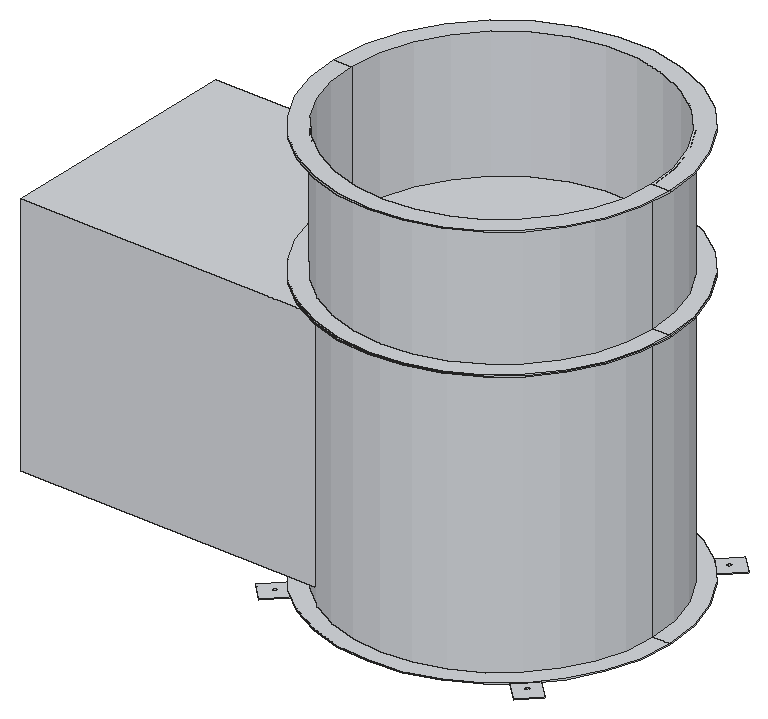
Revit family "AFBV-S_Upblast_Floor_Mount", category Mechanical Equipment, Revit 2019
Family settings
  Round Connector Dimension = Use Radius
  Part Type = Normal
  Work Plane-Based = No
  Always vertical = Yes
  Cut with Voids When Loaded = No
  Shared = No
  Room Calculation Point = No
Parameters (values of type "36_AFBV-S_UPBLAST_FLOOR")
  VANE = 1' - 4"
  Unit Weight [instance] = ""
  ModelID [instance] = ""
  L/2 = L / 2  # 1' - 3 17/32"
  L = 2' - 7 1/16"
  K/2 = K / 2  # 0' - 0 7/32"
  K = 0' - 0 7/16"
  J/2 = J / 2  # 1' - 9 31/32"
  Accessories [instance] = ""
  45 = 45.00°  # constant formula
  (L-1")/2 = (L - 0' 1") / 2  # 1' - 3 1/32"
  (J+(J-A))/2 = (J + ((J - A) / 2)) / 2  # 1' - 11 45/64"
  J = 3' - 7 15/16"
  CENTER = 0' - 0"  # constant formula
  H-(A/2) = H - (A / 2)  # 2' - 4 3/4"
  H+J = H + CENTER  # 3' - 11 1/4"
  H = 3' - 11 1/4"
  Sones [instance] = ""
  Motor RPM [instance] = ""
  Motor Enclosure [instance] = ""
  LwA [instance] = ""
  G = 6' - 0"
  Fan RPM [instance] = ""
  F/2 = F / 2  # 0' - 0 7/32"
  F = 0' - 0 7/16"
  E/2 = E / 2  # 1' - 5"
  E-2" = E - 0' 2"  # 2' - 8"
  E = 2' - 10"
  C/2+J = C / 2 + CENTER  # 1' - 7 1/2"
  C/2 = C / 2  # 1' - 7 1/2"
  C = 3' - 3"
  B/2 = B / 2  # 1' - 8 11/16"
  B = 3' - 5 3/8"
  A/3 = A / 2.5  # 1' - 2.8"
  A/2 = A / 2  # 1' - 6 1/2"
  A = 3' - 1"
  60 = 60.00°  # constant formula
  30 = 30.00°  # constant formula
  3" = 0' - 3"  # constant formula
  Brake Hp [instance] = ""
  4" = 0' - 4"  # constant formula
  2' = 2' - 0"
  2" = 0' - 2"  # constant formula
  1" = 0' - 1"  # constant formula
  0 = 0' - 0"  # constant formula
  Voltage [instance] = 0 V
  URL = "www.lorencook.com"
  Type Comments = "Tube Axial Fan Upblast Floor Mount Stainless Steel Construction Belt Drive Arrangement 9"  # constant formula
  Static Pressure [instance] = 0.00 in-wg
  Power [instance] = Voltage * Motor FLA * sqrt(if(Phase = 3, 3, 1))  # 0 VA
  Phase [instance] = 0
  Number of Poles [instance] = 1
  Motor Hp [instance] = "0"
  Motor FLA [instance] = 0 A
  Model = "AFBV-S"  # constant formula
  Manufacturer = "Loren Cook Company"
  CFM [instance] = 0 CFM
  1.5 = 0' - 1 1/2"  # constant formula
  ONE EIGTH = 0' - 0 1/8"  # constant formula
  -E/2 = -E / 2  # -1' - 5"
  -(E-.25")/2 = -(E - 0' 0 1/4") / 2  # -1' - 4 7/8"
  (K/2)-((J-A-.25")/2) = (K / 2) - ((J - A - 0' 0 1/4") / 2)  # -0' - 3 1/8"
  (J-A-.25") = (J - A - 0' 0 1/4")  # 0' - 6 11/16"
  (H-(A/2))/2 = (H - (A / 2)) / 2  # 1' - 2 3/8"
  (E-.25")/2 = (E - 0' 0 1/4") / 2  # 1' - 4 7/8"
  (A+.25")/2 = (A + 0' 0 1/4") / 2  # 1' - 6 5/8"
Types (10): name | VANE | L/2 | L | K/2 | K | J/2 | (L-1")/2 | (J+(J-A))/2 | J | H-(A/2) | H+J | H | F/2 | F | E/2 | E-2" | E | C/2+J | C/2 | C | B/2 | B | A/3 | A/2 | A | -E/2 | -(E-.25")/2 | (K/2)-((J-A-.25")/2) | (J-A-.25") | (H-(A/2))/2 | (E-.25")/2 | (A+.25")/2
  (no name) | 1' - 4" | 1' - 3 17/32" | 2' - 7 1/16" | 0' - 0 7/32" | 0' - 0 7/16" | 1' - 9 31/32" | 1' - 3 1/32" | 1' - 11 45/64" | 3' - 7 15/16" | 2' - 4 3/4" | 3' - 11 1/4" | 3' - 11 1/4" | 0' - 0 7/32" | 0' - 0 7/16" | 1' - 5" | 2' - 8" | 2' - 10" | 1' - 7 1/2" | 1' - 7 1/2" | 3' - 3" | 1' - 8 11/16" | 3' - 5 3/8" | 1' - 2.8" | 1' - 6 1/2" | 3' - 1" | -1' - 5" | -1' - 4 7/8" | -0' - 3 1/8" | 0' - 6 11/16" | 1' - 2 3/8" | 1' - 4 7/8" | 1' - 6 5/8"
  12_AFBV-S_UPBLAST_FLOOR | 0' - 6" | 0' - 6 3/8" | 1' - 0 3/4" | 0' - 0 3/16" | 0' - 0 3/8" | 0' - 9 1/32" | 0' - 5 7/8" | 0' - 10 21/64" | 1' - 6 1/16" | 1' - 6 3/16" | 2' - 0 5/8" | 2' - 0 5/8" | 0' - 0 5/32" | 0' - 0 5/16" | 0' - 11" | 1' - 8" | 1' - 10" | 0' - 7 5/16" | 0' - 7 5/16" | 1' - 2 5/8" | 0' - 7 13/16" | 1' - 3 5/8" | 0' - 5.15" | 0' - 6 7/16" | 1' - 0 7/8" | -0' - 11" | -0' - 10 7/8" | -0' - 2 9/32" | 0' - 4 15/16" | 0' - 9 3/32" | 0' - 10 7/8" | 0' - 6 9/16"
  16_AFBV-S_UPBLAST_FLOOR | 0' - 10" | 0' - 7 13/16" | 1' - 3 5/8" | 0' - 0 3/16" | 0' - 0 3/8" | 0' - 11 1/32" | 0' - 7 5/16" | 1' - 0 21/64" | 1' - 10 1/16" | 1' - 9 11/16" | 2' - 6 1/8" | 2' - 6 1/8" | 0' - 0 5/32" | 0' - 0 5/16" | 1' - 0 1/2" | 1' - 11" | 2' - 1" | 0' - 9 5/16" | 0' - 9 5/16" | 1' - 6 5/8" | 0' - 9 13/16" | 1' - 7 5/8" | 0' - 6 3/4" | 0' - 8 7/16" | 1' - 4 7/8" | -1' - 0 1/2" | -1' - 0 3/8" | -0' - 2 9/32" | 0' - 4 15/16" | 0' - 10 27/32" | 1' - 0 3/8" | 0' - 8 9/16"
  18_AFBV-S_UPBLAST_FLOOR | 0' - 11" | 0' - 8 1/2" | 1' - 5" | 0' - 0 3/16" | 0' - 0 3/8" | 1' - 0 1/32" | 0' - 8" | 1' - 1 21/64" | 2' - 0 1/16" | 1' - 9 11/16" | 2' - 7 1/8" | 2' - 7 1/8" | 0' - 0 5/32" | 0' - 0 5/16" | 1' - 0 1/2" | 1' - 11" | 2' - 1" | 0' - 10 5/16" | 0' - 10 5/16" | 1' - 8 5/8" | 0' - 10 13/16" | 1' - 9 5/8" | 0' - 7.55" | 0' - 9 7/16" | 1' - 6 7/8" | -1' - 0 1/2" | -1' - 0 3/8" | -0' - 2 9/32" | 0' - 4 15/16" | 0' - 10 27/32" | 1' - 0 3/8" | 0' - 9 9/16"
  24_AFBV-S_UPBLAST_FLOOR | 1' - 1" | 0' - 10 7/8" | 1' - 9 3/4" | 0' - 0 3/16" | 0' - 0 3/8" | 1' - 3 13/32" | 0' - 10 3/8" | 1' - 4 57/64" | 2' - 6 13/16" | 2' - 3 7/16" | 3' - 3 7/8" | 3' - 3 7/8" | 0' - 0 7/32" | 0' - 0 7/16" | 1' - 3 1/2" | 2' - 5" | 2' - 7" | 1' - 1 7/16" | 1' - 1 7/16" | 2' - 2 7/8" | 1' - 2 9/16" | 2' - 5 1/8" | 0' - 9.95" | 1' - 0 7/16" | 2' - 0 7/8" | -1' - 3 1/2" | -1' - 3 3/8" | -0' - 2 21/32" | 0' - 5 11/16" | 1' - 1 23/32" | 1' - 3 3/8" | 1' - 0 9/16"
  28_AFBV-S_UPBLAST_FLOOR | 1' - 1" | 1' - 0 5/16" | 2' - 0 5/8" | 0' - 0 3/16" | 0' - 0 3/8" | 1' - 5 13/32" | 0' - 11 13/16" | 1' - 6 57/64" | 2' - 10 13/16" | 2' - 3 7/16" | 3' - 5 7/8" | 3' - 5 7/8" | 0' - 0 7/32" | 0' - 0 7/16" | 1' - 3 1/2" | 2' - 5" | 2' - 7" | 1' - 3 7/16" | 1' - 3 7/16" | 2' - 6 7/8" | 1' - 4 9/16" | 2' - 9 1/8" | 0' - 11.55" | 1' - 2 7/16" | 2' - 4 7/8" | -1' - 3 1/2" | -1' - 3 3/8" | -0' - 2 21/32" | 0' - 5 11/16" | 1' - 1 23/32" | 1' - 3 3/8" | 1' - 2 9/16"
  32_AFBV-S_UPBLAST_FLOOR | 1' - 3" | 1' - 2 1/8" | 2' - 4 1/4" | 0' - 0 7/32" | 0' - 0 7/16" | 1' - 7 31/32" | 1' - 1 5/8" | 1' - 9 45/64" | 3' - 3 15/16" | 2' - 4 3/4" | 3' - 9 1/4" | 3' - 9 1/4" | 0' - 0 7/32" | 0' - 0 7/16" | 1' - 5" | 2' - 8" | 2' - 10" | 1' - 5 1/2" | 1' - 5 1/2" | 2' - 11" | 1' - 6 5/8" | 3' - 1 1/4" | 1' - 1.2" | 1' - 4 1/2" | 2' - 9" | -1' - 5" | -1' - 4 7/8" | -0' - 3 1/8" | 0' - 6 11/16" | 1' - 2 3/8" | 1' - 4 7/8" | 1' - 4 5/8"
  36_AFBV-S_UPBLAST_FLOOR | 1' - 4" | 1' - 3 17/32" | 2' - 7 1/16" | 0' - 0 7/32" | 0' - 0 7/16" | 1' - 9 31/32" | 1' - 3 1/32" | 1' - 11 45/64" | 3' - 7 15/16" | 2' - 4 3/4" | 3' - 11 1/4" | 3' - 11 1/4" | 0' - 0 7/32" | 0' - 0 7/16" | 1' - 5" | 2' - 8" | 2' - 10" | 1' - 7 1/2" | 1' - 7 1/2" | 3' - 3" | 1' - 8 11/16" | 3' - 5 3/8" | 1' - 2.8" | 1' - 6 1/2" | 3' - 1" | -1' - 5" | -1' - 4 7/8" | -0' - 3 1/8" | 0' - 6 11/16" | 1' - 2 3/8" | 1' - 4 7/8" | 1' - 6 5/8"
  14_AFBV-S_UPBLAST_FLOOR | 0' - 8" | 0' - 7 3/32" | 1' - 2 3/16" | 0' - 0 3/16" | 0' - 0 3/8" | 0' - 10 1/32" | 0' - 6 19/32" | 0' - 11 21/64" | 1' - 8 1/16" | 1' - 6 3/16" | 2' - 1 5/8" | 2' - 1 5/8" | 0' - 0 5/32" | 0' - 0 5/16" | 0' - 11" | 1' - 8" | 1' - 10" | 0' - 8 5/16" | 0' - 8 5/16" | 1' - 4 5/8" | 0' - 8 27/32" | 1' - 5 11/16" | 0' - 5.95" | 0' - 7 7/16" | 1' - 2 7/8" | -0' - 11" | -0' - 10 7/8" | -0' - 2 9/32" | 0' - 4 15/16" | 0' - 9 3/32" | 0' - 10 7/8" | 0' - 7 9/16"
  20_AFBV-S_UPBLAST_FLOOR | 1' - 0" | 0' - 9 5/16" | 1' - 6 5/8" | 0' - 0 3/16" | 0' - 0 3/8" | 1' - 1 5/32" | 0' - 8 13/16" | 1' - 2 33/64" | 2' - 2 5/16" | 1' - 9 11/16" | 2' - 8 1/8" | 2' - 8 1/8" | 0' - 0 5/32" | 0' - 0 5/16" | 1' - 3 1/2" | 2' - 5" | 2' - 7" | 0' - 11 3/16" | 0' - 11 3/16" | 1' - 10 3/8" | 0' - 11 27/32" | 1' - 11 11/16" | 0' - 8.35" | 0' - 10 7/16" | 1' - 8 7/8" | -1' - 3 1/2" | -1' - 3 3/8" | -0' - 2 13/32" | 0' - 5 3/16" | 0' - 10 27/32" | 1' - 3 3/8" | 0' - 10 9/16"
Reference planes (in)
  plane 1 "Center (Front/Back)": y = 0
  plane 2: z = 0
  plane 3 "Center (Left/Right)": x = 0.40541
Forms (in)
  Revolve 1, solid
    sketch origin (0, 0, 0) x (1, 0, 0) y (0, 0, 1)
      loop
        line (0.40541, -17) -> (21.09291, -17) -> (21.09291, -16.875) -> (19.03041, -16.875) -> (19.03041, 16.875) -> (21.09291, 16.875) -> (21.09291, 17) -> (0.40541, 17) -> (0.40541, -17)
      axis (0.40541, -17) -> (0.40541, 17)
    angle from 0 to 360
  Extrusion 2, solid
    sketch origin (0.40541, 0, 16.875) x (1, 0, 0) y (0, -1, 0)
      loop
        arc (-10.99782, -15.03125) -> (-18.625, 0) -> (-10.99782, 15.03125) r 18.625
        line (-10.99782, 15.03125) -> (-47.25, 15.03125) -> (-47.25, -15.03125) -> (-10.99782, -15.03125)
    from 32 <- "E-2"" to 2
  Extrusion 3, void
    sketch origin (0, 0, 0) x (1, 0, 0) y (0, 1, 0)
      loop
        circle (0.40541, 0) r 0.125
    from -17 <- "-E/2" to 17 <- "E/2"
  Extrusion 4, solid
    sketch origin (0.40541, 0, -16.875) x (1, 0, 0) y (0, 1, 0)
      loop
        arc (-15.66639, 17.78771) -> (-16.76064, 16.76064) -> (-17.78771, 15.66639) r 23.70313
        line (-17.78771, 15.66639) -> (-15.65043, 13.52911)
        arc (-15.65043, 13.52911) -> (-14.62827, 14.62827) -> (-13.52911, 15.65043) r 20.6875
        line (-13.52911, 15.65043) -> (-15.66639, 17.78771)
      loop
        arc (15.66639, -17.78771) -> (16.76064, -16.76064) -> (17.78771, -15.66639) r 23.70313
        line (17.78771, -15.66639) -> (15.65043, -13.52911)
        arc (15.65043, -13.52911) -> (14.62827, -14.62827) -> (13.52911, -15.65043) r 20.6875
        line (13.52911, -15.65043) -> (15.66639, -17.78771)
      loop
        arc (-17.78771, -15.66639) -> (-16.76064, -16.76064) -> (-15.66639, -17.78771) r 23.70313
        line (-15.66639, -17.78771) -> (-13.52911, -15.65043)
        arc (-13.52911, -15.65043) -> (-14.62827, -14.62827) -> (-15.65043, -13.52911) r 20.6875
        line (-15.65043, -13.52911) -> (-17.78771, -15.66639)
      loop
        arc (17.78771, 15.66639) -> (16.76064, 16.76064) -> (15.66639, 17.78771) r 23.70313
        line (15.66639, 17.78771) -> (13.52911, 15.65043)
        arc (13.52911, 15.65043) -> (14.62827, 14.62827) -> (15.65043, 13.52911) r 20.6875
        line (15.65043, 13.52911) -> (17.78771, 15.66639)
    from 0 to -0.125
  Extrusion 5, void
    sketch origin (0, 0, 0) x (1, 0, 0) y (0, 1, 0)
      loop
        circle (15.93666, 15.53125) r 0.21875
      loop
        circle (-15.12584, 15.53125) r 0.21875
      loop
        circle (-15.12584, -15.53125) r 0.21875
      loop
        circle (15.93666, -15.53125) r 0.21875
    from 17 <- "E/2" to -17 <- "-E/2"
  Revolve 6, solid
    sketch origin (0, 0, 0) x (1, 0, 0) y (0, 0, 1)
      loop
        line (21.09291, 17) -> (21.09291, 17.125) -> (19.03041, 17.125) -> (19.03041, 32.875) -> (21.09291, 32.875) -> (21.09291, 33) -> (18.90541, 33) -> (18.90541, 17) -> (21.09291, 17)
      axis (0.40541, 17) -> (0.40541, 33)
    angle from 0 to 360
Cuts and joins
  Extrusion 3, Extrusion 5 cuts Revolve 1
  Extrusion 3, Extrusion 5 cuts Extrusion 2
  Extrusion 5 cuts Extrusion 4
Dimensions and locks (in)
  "0": Revolve 1 sketch curve to plane 3 "Center (Left/Right)"  (x2)
  "(A+.25")/2": Revolve 1 sketch curve to plane 3 "Center (Left/Right)"
  "B/2": Revolve 1 sketch curve to plane 3 "Center (Left/Right)"  (x2)
  "ONE EIGTH": Revolve 1 sketch curve to Revolve 1 sketch curve  (x2)
  "E": Revolve 1 sketch curve to Revolve 1 sketch curve
  "E/2": level to Revolve 1 sketch curve
  "H": Extrusion 2 sketch curve to plane 3 "Center (Left/Right)"
  "(L-1")/2": Extrusion 2 sketch curve to plane 1 "Center (Front/Back)"  (x2)
  "0": Extrusion 2 sketch curve to plane 3 "Center (Left/Right)"
  "0": Extrusion 2 sketch curve to plane 1 "Center (Front/Back)"
  "0": Extrusion 3 sketch curve to plane 3 "Center (Left/Right)"
  "0": plane 1 "Center (Front/Back)" to Extrusion 3 sketch curve
  "0": Extrusion 4 sketch curve to plane 3 "Center (Left/Right)"  (x8)
  "0": Extrusion 4 sketch curve to plane 1 "Center (Front/Back)"  (x8)
  "1.5": plane 3 "Center (Left/Right)" to Extrusion 4 sketch curve  (x3)
  "3"": Extrusion 4 sketch curve to Extrusion 4 sketch curve  (x4)
  "1.5": Extrusion 4 sketch curve to plane 3 "Center (Left/Right)"
  "L/2": plane 3 "Center (Left/Right)" to Extrusion 5 sketch curve  (x4)
  "L/2": plane 1 "Center (Front/Back)" to Extrusion 5 sketch curve  (x4)
  "0": Revolve 6 sketch curve to plane 3 "Center (Left/Right)"
  "B/2": Revolve 6 sketch curve to plane 3 "Center (Left/Right)"  (x2)
  "(A+.25")/2": plane 3 "Center (Left/Right)" to Revolve 6 sketch curve
  "ONE EIGTH": Revolve 6 sketch curve to Revolve 6 sketch curve  (x3)
  "0": Revolve 6 sketch curve to cut or joined group of Revolve 1, Extrusion 3, Extrusion 5
  "VANE": Revolve 6 sketch curve to Revolve 6 sketch curve
  "(A+.25")/2": radius of Extrusion 2 sketch curve
  "ONE EIGTH": radius of Extrusion 3 sketch curve
  "(J+(J-A))/2": radius of Extrusion 4 sketch curve  (x4)
  "B/2": radius of Extrusion 4 sketch curve  (x4)
  "K/2": radius of Extrusion 5 sketch curve  (x4)
  "45": angle Extrusion 4 sketch curve to plane 3 "Center (Left/Right)"
  "45": angle Extrusion 4 sketch curve to plane 1 "Center (Front/Back)"  (x2)
  "45": angle plane 1 "Center (Front/Back)" to Extrusion 4 sketch curve
Automatic sketch dimensions
  Revolve 1 sketch curve to Revolve 1 sketch curve = 0' - 0"
  Revolve 1 sketch curve to Revolve 1 sketch curve = 1' - 6"
  Extrusion 2 sketch curve to Extrusion 2 sketch curve = 0' - 0"
  Revolve 6 sketch curve to Revolve 6 sketch curve = 0' - 8"
  Revolve 6 sketch curve to Revolve 6 sketch curve = 0' - 10"
Connectors (in)
  electrical at (-28.7185, -15.03125, -0.125)
    settings: on Extrusion 2, index 1, voltage 0 V, apparent load 0 VA, apparent load phase1 0 VA, apparent load phase2 0 VA, apparent load phase3 0 VA, power factor 1, load classification "Other", number of poles 1, system type 30, power factor state 1, is connector primary yes, connector utility no, sub classification motor no, connector description ""
  hvac at (0.40541, 0, -17), driven by "A/2"
    settings: on cut or joined group of Revolve 1, Extrusion 3, Extrusion 5, index 4, duct flow 0 CFM, flow factor 0, pres drop 0.00 in-wg, loss coef 0, conn angle 0.00°, conn width 12", conn height 12", conn diameter 37", duct sys type 29, conn prof type 0, flow config 0, flow direction 1, loss method 0, conn ref index -1, conn util no, is conn primary yes, conn desc ""
  hvac at (0.40541, 0, 33), driven by "A/2"
    settings: on Revolve 6, index 5, duct flow 0 CFM, flow factor 0, pres drop 0.00 in-wg, loss coef 0, conn angle 0.00°, conn width 12", conn height 12", conn diameter 37", duct sys type 29, conn prof type 0, flow config 0, flow direction 2, loss method 0, conn ref index -1, conn util no, is conn primary no, conn desc ""
